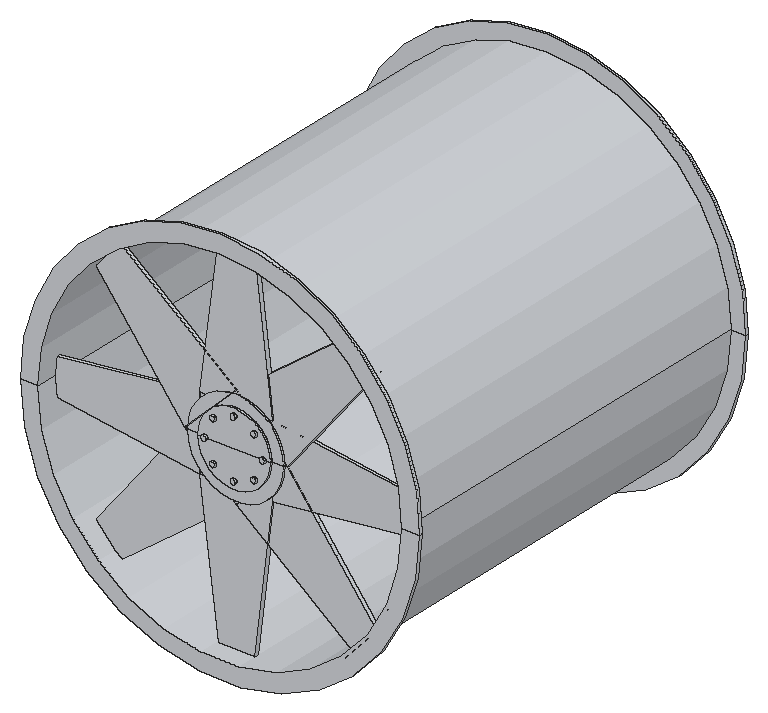
Revit family "CADS_Vent-Axia_MechEquip_Fan_BIFA_710_3Ph4P - SUPPLY", category Mechanical Equipment, Revit 2020
Family settings
  Round Connector Dimension = Use Diameter
  Part Type = Normal
  OmniClass Number = 23.75.00.00
  OmniClass Title = Climate Control (HVAC)
  Work Plane-Based = No
  Always vertical = Yes
  Cut with Voids When Loaded = No
  Shared = No
  Room Calculation Point = No
Parameters (values of type "BIFA713440")
  WorkingPressure = 0.0 Pa
  WarrantyStartDate [instance] = "1900-12-31T23:59:59"
  WarrantyPeriod = ""
  WarrantyIdentifier = "N/A"
  WarrantyGuarantorParts = "tech@vent-axia.com"
  WarrantyGuarantorLabor = "tech@vent-axia.com"
  WarrantyGuarantor = "Vent-Axia Limited"
  WarrantyEndDate [instance] = "1900-12-31T23:59:59"
  WarrantyContent = ""
  TemperatureRange = ""
  TagNumber [instance] = "N/A"
  SustainabilityPerformance = ""
  Status = "New"
  Size = ""
  Shape = ""
  ServiceLifeType = ""
  ServiceLifeDuration = ""
  SerialNumber [instance] = "N/A"
  ReplacementCost = ""
  RatedVoltage = 0 V
  RatedCurrent = 0 A
  Quantity = 1
  ProductionYear = ""
  PressureCurve = ""
  PowerFactor = ""
  PointOfContact = ""
  NumberOfPoles = 0
  NominalWidth = 710 mm
  NominalLength = 800 mm
  NominalHeight = 710 mm
  NominalFrequencyRange = ""
  NominalDiameter = 710 mm
  ModelReference = "BIF 710MM 3PH 4P 40DEG"
  ModelNumber = "BIFA713440"
  Material = ""
  ManufacturerE-Mail = "tech@vent-axia.com"
  ManufacturerAddress = "Fleming Way\nCrawley \nRH10 9YX"
  IsExtendedWarranty = no
  InsulationStandardClass = ""
  InstallationDate [instance] = "1900-12-31T23:59:59"
  IfcExportType [instance] = ""
  IfcExportAs = "IfcFanType"
  IP_Code = ""
  HasProtectiveEarth = no
  GrossWeight = 0.00 kg
  Grade = ""
  GlobalTradeItemNumber [instance] = "N/A"
  Fitting Type = "Ignore"
  Finish = ""
  Features = ""
  ExteriorInsulation = no
  ExpectedServiceLife = 0
  Exclusions = ""
  DurationUnit = "Year"
  Default Elevation = 0 mm
  Constituents = ""
  ConductorFunction = ""
  Color = ""
  CodePerformance = ""
  Category = ""
  CADS_Usage = 0
  CADS_Index = 0
  AssetType = "FIXED"
  AssetIdentifier [instance] = "N/A"
  AssemblyPlace = "UNKNOWN"
  ArticleNumber [instance] = "N/A"
  AirflowRateRange = 0.0 L/s
  Air Flow [instance] = 0.0 L/s
  AccessibilityPerformance = ""
Types (16, lengths in mm): name | ModelReference | ModelNumber
  BIFA713410 | "BIF 710MM 3PH 4P 10DEG" | "BIFA713410"
  BIFA713412 | "BIF 710MM 3PH 4P 12DEG" | "BIFA713412"
  BIFA713414 | "BIF 710MM 3PH 4P 14DEG" | "BIFA713414"
  BIFA713416 | "BIF 710MM 3PH 4P 16DEG" | "BIFA713416"
  BIFA713418 | "BIF 710MM 3PH 4P 18DEG" | "BIFA713418"
  BIFA713420 | "BIF 710MM 3PH 4P 20DEG" | "BIFA713420"
  BIFA713422 | "BIF 710MM 3PH 4P 22DEG" | "BIFA713422"
  BIFA713424 | "BIF 710MM 3PH 4P 24DEG" | "BIFA713424"
  BIFA713426 | "BIF 710MM 3PH 4P 26DEG" | "BIFA713426"
  BIFA713428 | "BIF 710MM 3PH 4P 28DEG" | "BIFA713428"
  BIFA713430 | "BIF 710MM 3PH 4P 30DEG" | "BIFA713430"
  BIFA713432 | "BIF 710MM 3PH 4P 32DEG" | "BIFA713432"
  BIFA713434 | "BIF 710MM 3PH 4P 34DEG" | "BIFA713434"
  BIFA713436 | "BIF 710MM 3PH 4P 36DEG" | "BIFA713436"
  BIFA713438 | "BIF 710MM 3PH 4P 38DEG" | "BIFA713438"
  BIFA713440 | "BIF 710MM 3PH 4P 40DEG" | "BIFA713440"
Reference planes
  plane 1 "Center (Front/Back)": y = 0
  plane 2: z = 0
  plane 3 "Center (Left/Right)": x = 0
  plane 4: x = -355
  plane 5: x = 355
  plane 6 "F": y = -400
  plane 7 "B": y = 400
  plane 8: x = -390
  plane 9: y = 395
  plane 10: y = -395
  plane 11: x = -360
  plane 12: y = -360
Forms (mm)
  Revolve 1, solid
    sketch origin (0, 0, 0) x (1, 0, 0) y (0, 1, 0)
      loop
        line (-390, -400) -> (-355, -400) -> (-355, 400) -> (-390, 400) -> (-390, 395) -> (-360, 395) -> (-360, -395) -> (-390, -395) -> (-390, -400)
      axis (0, 400) -> (0, -400)
    angle from 0 to 360
Dimensions and locks
  equal spacing: plane 4, plane 3 "Center (Left/Right)", plane 5
  equal spacing: plane 7 "B", plane 1 "Center (Front/Back)", plane 6 "F"
  "NominalLength": plane 7 "B" to plane 6 "F"
  "NominalDiameter": plane 4 to plane 5
  locked: plane 11 to plane 4 at 5
  locked: plane 8 to plane 11 at 30
  locked: plane 6 "F" to plane 10 at 5
  locked: plane 7 "B" to plane 9 at 5
  locked: plane 6 "F" to plane 12 at 40
  aligned and locked: level to plane 2
  aligned and locked: nested 1 to plane 12
Automatic sketch dimensions
  plane 6 "F" to Revolve 1 sketch curve = 0 mm
  Revolve 1 sketch curve to plane 8 = 0 mm  (x2)
  plane 10 to Revolve 1 sketch curve = 0 mm
  Revolve 1 sketch curve to plane 11 = 0 mm
  Revolve 1 sketch curve to plane 4 = 0 mm
  Revolve 1 sketch curve to plane 3 "Center (Left/Right)" = 0 mm
  plane 1 "Center (Front/Back)" to Revolve 1 sketch curve = 0 mm
  Revolve 1 sketch curve to plane 9 = 0 mm
  Revolve 1 sketch curve to plane 7 "B" = 0 mm
  plane 6 "F" to Revolve 1 sketch curve = 115 mm
Nested families
  nested 1: "Fan for BIFA" at (0, -360, 0), ND <- "NominalDiameter", type "Fan for BIFA"
    with hub 71 mm, ND 710 mm, BoltPCD 56.8 mm, Bolt Count 8, B_Diam 10 mm
  nested 2: "Bolts" at (0, -369.172, -56.8) x (-1, 0, 0) z (0, 1, 0), type "Bolts"
    with bd 10 mm
  nested 3: "Bolts" at (-40.164, -369.172, -40.164) x (-0.7071, 0, 0.7071) z (0, 1, 0), type "Bolts"
    with bd 10 mm
  nested 4: "Bolts" at (-56.8, -369.172, 0) x (0, 0, 1) z (0, 1, 0), type "Bolts"
    with bd 10 mm
  nested 5: "Bolts" at (-40.164, -369.172, 40.164) x (0.7071, 0, 0.7071) z (0, 1, 0), type "Bolts"
    with bd 10 mm
  nested 6: "Bolts" at (40.164, -369.172, 40.164) x (0.7071, 0, -0.7071) z (0, 1, 0), type "Bolts"
    with bd 10 mm
  nested 7: "Bolts" at (0, -369.172, 56.8) x (1, 0, 0) z (0, 1, 0), type "Bolts"
    with bd 10 mm
  nested 8: "BIFA Blade" at (0, -360, 0), type "BIFA Blade"
    with a 20.00°, HR 71 mm, HD 142 mm, BT 71 mm, BR 284 mm, BH 40 mm, BD 710 mm, BB 142 mm
  nested 9: "BIFA Blade" at (0, -360, 0) x (0.7071, 0, -0.7071) z (0.7071, 0, 0.7071), type "BIFA Blade"
    with a 20.00°, HR 71 mm, HD 142 mm, BT 71 mm, BR 284 mm, BH 40 mm, BD 710 mm, BB 142 mm
  nested 10: "BIFA Blade" at (0, -360, 0) x (0, 0, -1) z (1, 0, 0), type "BIFA Blade"
    with a 20.00°, HR 71 mm, HD 142 mm, BT 71 mm, BR 284 mm, BH 40 mm, BD 710 mm, BB 142 mm
  nested 11: "BIFA Blade" at (0, -360, 0) x (-0.7071, 0, -0.7071) z (0.7071, 0, -0.7071), type "BIFA Blade"
    with a 20.00°, HR 71 mm, HD 142 mm, BT 71 mm, BR 284 mm, BH 40 mm, BD 710 mm, BB 142 mm
  nested 12: "BIFA Blade" at (0, -360, 0) x (-1, 0, 0) z (0, 0, -1), type "BIFA Blade"
    with a 20.00°, HR 71 mm, HD 142 mm, BT 71 mm, BR 284 mm, BH 40 mm, BD 710 mm, BB 142 mm
  nested 13: "BIFA Blade" at (0, -360, 0) x (-0.7071, 0, -0.7071) z (-0.7071, 0, 0.7071), type "BIFA Blade"
    with a 20.00°, HR 71 mm, HD 142 mm, BT 71 mm, BR 284 mm, BH 40 mm, BD 710 mm, BB 142 mm
  nested 14: "BIFA Blade" at (0, -360, 0) x (0, 0, -1) z (-1, 0, 0), type "BIFA Blade"
    with a 20.00°, HR 71 mm, HD 142 mm, BT 71 mm, BR 284 mm, BH 40 mm, BD 710 mm, BB 142 mm
  nested 15: "BIFA Blade" at (0, -360, 0) x (0.7071, 0, -0.7071) z (-0.7071, 0, -0.7071), type "BIFA Blade"
    with a 20.00°, HR 71 mm, HD 142 mm, BT 71 mm, BR 284 mm, BH 40 mm, BD 710 mm, BB 142 mm
  nested 16: "Bolts" at (56.8, -369.172, 0) x (0, 0, -1) z (0, 1, 0), type "Bolts"
    with bd 10 mm
  nested 17: "Bolts" at (40.164, -369.172, -40.164) x (-0.7071, 0, -0.7071) z (0, 1, 0), type "Bolts"
    with bd 10 mm
Connectors
  hvac at (0, -400, 0), driven by "NominalDiameter", driven by "Air Flow"
    settings: on Revolve 1, index 1, duct flow 0.0 L/s, flow factor 0, pres drop 0.0 Pa, loss coef 0, conn angle 0.00°, conn width 304.8 mm, conn height 304.8 mm, conn diameter 710 mm, duct sys type 1, conn prof type 0, flow config 1, flow direction 1, loss method 0, conn ref index -1, conn util no, is conn primary yes, conn desc ""
  hvac at (0, 400, 0), driven by "NominalDiameter", driven by "Air Flow"
    settings: on Revolve 1, index 2, duct flow 0.0 L/s, flow factor 0, pres drop 0.0 Pa, loss coef 0, conn angle 0.00°, conn width 304.8 mm, conn height 304.8 mm, conn diameter 710 mm, duct sys type 1, conn prof type 0, flow config 0, flow direction 2, loss method 0, conn ref index -1, conn util no, is conn primary no, conn desc ""
Definition of nested family "Fan for BIFA"
  Parameters (values of type "Fan for BIFA")
    hub [instance] = ND / 10  # 50 mm
    ND [instance] = 500 mm
    Model = "."
    Default Elevation = 0 mm
    BoltPCD [instance] = hub - (hub * 0.2)  # 40 mm
    Bolt Count [instance] = if(hub < 50 mm, 6, 8)  # 8
    B_Diam [instance] = if(hub < 50 mm, 5 mm, 10 mm)  # 10 mm
  Reference planes
    plane 1 "Center (Front/Back)": y = 0
    plane 2: z = 0
    plane 3 "Center (Left/Right)": x = 0
    plane 4 "back": y = 20
    plane 5 "bolts": y = -9.172
    plane 6 "B": z = 50
    plane 7: x = -72.587
    plane 8: x = -50
    plane 9 "hubface": y = -6.172
  Forms (mm)
    Revolve 1, solid
      sketch origin (0, 0, 0) x (1, 0, 0) y (0, 1, 0)
        loop
          line (0, 20) -> (-50, 20) -> (-50, 10.504) -> (-72.587, 10.504) -> (-72.587, -2.597) -> (-50, -2.597) -> (-50, -6.172) -> (0, -6.172) -> (0, 20)
        axis (0, 20) -> (0, -6.172)
      angle from 0 to 360
    Extrusion 2, solid, not visible
      sketch origin (0, -6.347, -4) x (-1, 0, 0) y (0, 0, 1)
        loop
          circle (0, 84) r 5
      from 0 to 3
  Lines and regions (mm)
    symbolic lines
      curve 1: circle (0, -9.172, 0) r 40 normal (0, 1, 0)
    model lines, not visible
      curve 2: line (0, -6.347, 85) -> (0, -6.347, 75)
  Dimensions and locks
    "hub": plane 6 "B" to plane 2
    "hub": nested 3 to plane 3 "Center (Left/Right)"
    "hub": nested 4 to plane 3 "Center (Left/Right)"
    "hub": nested 5 to plane 3 "Center (Left/Right)"
    "hub": plane 3 "Center (Left/Right)" to nested 6
    "hub": Revolve 1 sketch curve to Revolve 1 sketch curve
    "hub": plane 3 "Center (Left/Right)" to nested 7
    "hub": plane 3 "Center (Left/Right)" to nested 8
    "hub": plane 3 "Center (Left/Right)" to nested 9
    "hub": plane 8 to plane 3 "Center (Left/Right)"
    plane 7 to plane 8 = 22.587 mm
    diameter of Extrusion 2 sketch curve = 10 mm
    "BoltPCD": radius of curve 1
    "BoltPCD": radius of radial array
    aligned and locked: level to plane 2
    aligned and locked: plane 6 "B" to nested 1
  Automatic sketch dimensions
    Revolve 1 sketch curve to plane 7 = 0 mm
    Revolve 1 sketch curve to plane 8 = 0 mm  (x2)
    Revolve 1 sketch curve to plane 3 "Center (Left/Right)" = 0 mm
    Revolve 1 sketch curve to plane 9 "hubface" = 0 mm
    plane 4 "back" to Revolve 1 sketch curve = 0 mm
    plane 1 "Center (Front/Back)" to Revolve 1 sketch curve = 2.597 mm
    plane 4 "back" to Revolve 1 sketch curve = 9.496 mm
    plane 4 "back" to Revolve 1 sketch curve = 5 mm
    Revolve 1 sketch curve to Revolve 1 sketch curve = 45 mm
    curve 1 to level = 0 mm
    curve 1 to plane 3 "Center (Left/Right)" = 0 mm
  Nested families
    nested 1: "BIFA Blade" at (0, 0, 25), BD <- "ND", HD <- "hub", type "BIFA Blade"
      with a 20.00°, HR 25 mm, HD 50 mm, BT 25 mm, BR 100 mm, BH 40 mm, BD 250 mm, BB 50 mm
    nested 2: "BIFA Blade" at (0, 0, 55), BD <- "ND", HD <- "hub", type "BIFA Blade", not visible
      with a 20.00°, HR 25 mm, HD 50 mm, BT 25 mm, BR 100 mm, BH 40 mm, BD 250 mm, BB 50 mm
    nested 3: "BIFA Blade" at (17.678, 0, 17.678) x (0.7071, 0, -0.7071) z (0.7071, 0, 0.7071), BD <- "ND", HD <- "hub", type "BIFA Blade"
      with a 20.00°, HR 25 mm, HD 50 mm, BT 25 mm, BR 100 mm, BH 40 mm, BD 250 mm, BB 50 mm
    nested 4: "BIFA Blade" at (25, 0, 0) x (0, 0, -1) z (1, 0, 0), BD <- "ND", HD <- "hub", type "BIFA Blade"
      with a 20.00°, HR 25 mm, HD 50 mm, BT 25 mm, BR 100 mm, BH 40 mm, BD 250 mm, BB 50 mm
    nested 5: "BIFA Blade" at (17.678, 0, -17.678) x (-0.7071, 0, -0.7071) z (0.7071, 0, -0.7071), BD <- "ND", HD <- "hub", type "BIFA Blade"
      with a 20.00°, HR 25 mm, HD 50 mm, BT 25 mm, BR 100 mm, BH 40 mm, BD 250 mm, BB 50 mm
    nested 6: "BIFA Blade" at (0, 0, -25) x (-1, 0, 0) z (0, 0, -1), BD <- "ND", HD <- "hub", type "BIFA Blade"
      with a 20.00°, HR 25 mm, HD 50 mm, BT 25 mm, BR 100 mm, BH 40 mm, BD 250 mm, BB 50 mm
    nested 7: "BIFA Blade" at (-17.678, 0, 17.678) x (-0.7071, 0, -0.7071) z (-0.7071, 0, 0.7071), BD <- "ND", HD <- "hub", type "BIFA Blade"
      with a 20.00°, HR 25 mm, HD 50 mm, BT 25 mm, BR 100 mm, BH 40 mm, BD 250 mm, BB 50 mm
    nested 8: "BIFA Blade" at (-25, 0, 0) x (0, 0, -1) z (-1, 0, 0), BD <- "ND", HD <- "hub", type "BIFA Blade"
      with a 20.00°, HR 25 mm, HD 50 mm, BT 25 mm, BR 100 mm, BH 40 mm, BD 250 mm, BB 50 mm
    nested 9: "BIFA Blade" at (-17.678, 0, -17.678) x (0.7071, 0, -0.7071) z (-0.7071, 0, -0.7071), BD <- "ND", HD <- "hub", type "BIFA Blade"
      with a 20.00°, HR 25 mm, HD 50 mm, BT 25 mm, BR 100 mm, BH 40 mm, BD 250 mm, BB 50 mm
    nested 10: "Bolts" at (0, -9.172, 40) x (1, 0, 0) z (0, 1, 0), bd <- "B_Diam", type "Bolts"
      with bd 10 mm
    nested 11: "Bolts" at (28.284, -9.172, 28.284) x (0.7071, 0, -0.7071) z (0, 1, 0), bd <- "B_Diam", type "Bolts"
      with bd 10 mm
    nested 12: "Bolts" at (-28.284, -9.172, 28.284) x (0.7071, 0, 0.7071) z (0, 1, 0), bd <- "B_Diam", type "Bolts"
      with bd 10 mm
    nested 13: "Bolts" at (-40, -9.172, 0) x (0, 0, 1) z (0, 1, 0), bd <- "B_Diam", type "Bolts"
      with bd 10 mm
    nested 14: "Bolts" at (-28.284, -9.172, -28.284) x (-0.7071, 0, 0.7071) z (0, 1, 0), bd <- "B_Diam", type "Bolts"
      with bd 10 mm
    nested 15: "Bolts" at (0, -9.172, -40) x (-1, 0, 0) z (0, 1, 0), bd <- "B_Diam", type "Bolts"
      with bd 10 mm
    nested 16: "Bolts" at (28.284, -9.172, -28.284) x (-0.7071, 0, -0.7071) z (0, 1, 0), bd <- "B_Diam", type "Bolts"
      with bd 10 mm
    nested 17: "Bolts" at (40, -9.172, 0) x (0, 0, -1) z (0, 1, 0), bd <- "B_Diam", type "Bolts"
      with bd 10 mm
  Definition of nested family "BIFA Blade"
    Parameters (values of type "BIFA Blade")
      a [instance] = 20.00°
      HR [instance] = HD / 2  # 30 mm
      HD [instance] = BD / 5  # 60 mm
      Default Elevation = 1219.2 mm
      BT [instance] = BD / 10  # 30 mm
      BR [instance] = (BD / 2) - HR  # 120 mm
      BH [instance] = 40 mm
      BD [instance] = 300 mm
      BB [instance] = BD / 5  # 60 mm
    Reference planes
      plane 1 "Center (Front/Back)": y = 0
      plane 2: z = 0
      plane 3 "Center (Left/Right)": x = 0
      plane 4 "Blade Bot": z = 30
      plane 5: x = -30
      plane 6: x = 30
      plane 7: x = -15
      plane 8: x = 15
    Forms (mm)
      Blend 1, solid
        base sketch origin (0, 0, 30) x (-1, 0, 0) y (0, -1, 0)
          loop
            line (30, 0) -> (-30, 0) -> (-30, -6) -> (30, -6) -> (30, 0)
        top sketch origin (0, 0, 30) x (-1, 0, 0) y (0, -1, 0)
          loop
            line (15, -6) -> (15, 0) -> (-15, 0) -> (-15, -6) -> (15, -6)
        from 0 to 120 <- "BR"
    Dimensions and locks
      "HR": plane 4 "Blade Bot" to level
      equal spacing: plane 8, plane 3 "Center (Left/Right)", plane 7
      "BT": plane 8 to plane 7
      equal spacing: plane 6, plane 3 "Center (Left/Right)", plane 5
      "BB": plane 6 to plane 5
      aligned and locked: level to plane 2
    Automatic sketch dimensions
      plane 1 "Center (Front/Back)" to Blend 1 sketch curve = 0 mm  (x2)
      Blend 1 sketch curve to plane 6 = 0 mm
      Blend 1 sketch curve to plane 5 = 0 mm
      Blend 1 sketch curve to plane 1 "Center (Front/Back)" = 6 mm  (x2)
      Blend 1 sketch curve to plane 8 = 0 mm
      Blend 1 sketch curve to plane 7 = 0 mm
  Definition of nested family "Bolts"
    Parameters
      bd [instance] = 10 mm
      Default Elevation = 1219.2 mm
    Reference planes
      plane 1 "Center (Front/Back)": y = 0
      plane 2: z = 0
      plane 3 "Center (Left/Right)": x = 0
    Forms (mm)
      Extrusion 1, solid
        sketch origin (0, 0, 0) x (1, 0, 0) y (0, 1, 0)
          loop
            line (-1219.2, 1219.2) -> (-1219.2, -1219.2) -> (1219.2, -1219.2) -> (1219.2, 1219.2) -> (-1219.2, 1219.2)
        from 0 to -304.8
      Extrusion 2, solid
        sketch origin (0, 0, 0) x (1, 0, 0) y (0, 1, 0)
          loop
            circle (0, 0) r 5
        from 0 to 3
    Dimensions and locks
      "bd": diameter of Extrusion 2 sketch curve
      aligned and locked: plane 2 to Extrusion 1
      aligned and locked: level to Extrusion 1
    Automatic sketch dimensions
      Extrusion 1 sketch curve to Extrusion 1 sketch curve = 2438.4 mm  (x2)
      plane 1 "Center (Front/Back)" to Extrusion 2 sketch curve = 0 mm
      Extrusion 2 sketch curve to plane 3 "Center (Left/Right)" = 0 mm
Definition of nested family "Bolts"
  Parameters
    bd [instance] = 10 mm
    Default Elevation = 1219.2 mm
  Reference planes
    plane 1 "Center (Front/Back)": y = 0
    plane 2: z = 0
    plane 3 "Center (Left/Right)": x = 0
  Forms (mm)
    Extrusion 1, solid
      sketch origin (0, 0, 0) x (1, 0, 0) y (0, 1, 0)
        loop
          line (-1219.2, 1219.2) -> (-1219.2, -1219.2) -> (1219.2, -1219.2) -> (1219.2, 1219.2) -> (-1219.2, 1219.2)
      from 0 to -304.8
    Extrusion 2, solid
      sketch origin (0, 0, 0) x (1, 0, 0) y (0, 1, 0)
        loop
          circle (0, 0) r 5
      from 0 to 3
  Dimensions and locks
    "bd": diameter of Extrusion 2 sketch curve
    aligned and locked: plane 2 to Extrusion 1
    aligned and locked: level to Extrusion 1
  Automatic sketch dimensions
    Extrusion 1 sketch curve to Extrusion 1 sketch curve = 2438.4 mm  (x2)
    plane 1 "Center (Front/Back)" to Extrusion 2 sketch curve = 0 mm
    Extrusion 2 sketch curve to plane 3 "Center (Left/Right)" = 0 mm
Definition of nested family "BIFA Blade"
  Parameters (values of type "BIFA Blade")
    a [instance] = 20.00°
    HR [instance] = HD / 2  # 30 mm
    HD [instance] = BD / 5  # 60 mm
    Default Elevation = 1219.2 mm
    BT [instance] = BD / 10  # 30 mm
    BR [instance] = (BD / 2) - HR  # 120 mm
    BH [instance] = 40 mm
    BD [instance] = 300 mm
    BB [instance] = BD / 5  # 60 mm
  Reference planes
    plane 1 "Center (Front/Back)": y = 0
    plane 2: z = 0
    plane 3 "Center (Left/Right)": x = 0
    plane 4 "Blade Bot": z = 30
    plane 5: x = -30
    plane 6: x = 30
    plane 7: x = -15
    plane 8: x = 15
  Forms (mm)
    Blend 1, solid
      base sketch origin (0, 0, 30) x (-1, 0, 0) y (0, -1, 0)
        loop
          line (30, 0) -> (-30, 0) -> (-30, -6) -> (30, -6) -> (30, 0)
      top sketch origin (0, 0, 30) x (-1, 0, 0) y (0, -1, 0)
        loop
          line (15, -6) -> (15, 0) -> (-15, 0) -> (-15, -6) -> (15, -6)
      from 0 to 120 <- "BR"
  Dimensions and locks
    "HR": plane 4 "Blade Bot" to level
    equal spacing: plane 8, plane 3 "Center (Left/Right)", plane 7
    "BT": plane 8 to plane 7
    equal spacing: plane 6, plane 3 "Center (Left/Right)", plane 5
    "BB": plane 6 to plane 5
    aligned and locked: level to plane 2
  Automatic sketch dimensions
    plane 1 "Center (Front/Back)" to Blend 1 sketch curve = 0 mm  (x2)
    Blend 1 sketch curve to plane 6 = 0 mm
    Blend 1 sketch curve to plane 5 = 0 mm
    Blend 1 sketch curve to plane 1 "Center (Front/Back)" = 6 mm  (x2)
    Blend 1 sketch curve to plane 8 = 0 mm
    Blend 1 sketch curve to plane 7 = 0 mm
